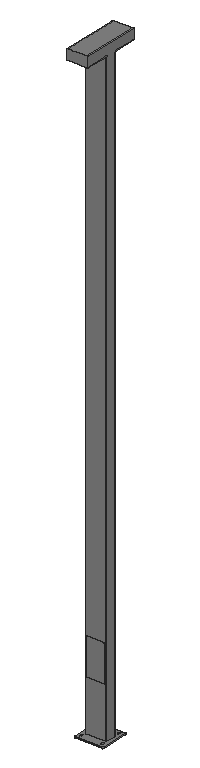
Revit family "Супремус В", category Осветительные приборы, Revit 2019 (continued)
Types (7, lengths in mm): name | Файл фотометрической сетки | built-in parameter 1150105 | Lumens | built-in parameter 1150106 | built-in parameter 1150142 | Wattage | L_общая рассеиватели | ADSK_Фактическая мощность | ADSK_Размер_Высота | ADSK_Номинальная мощность | ADSK_Наименование | ADSK_Масса_Текст | ADSK_Масса | ADSK_Артикул | 2
    344.8 347.2 349.5 351.6 354.0 356.9 359.7\r\n 362.4 365.6 367.8 369.4 372.0 374.4 376.6 378.5 380.1 381.7 383.1 385.2 387.4 389.4 391.3 393.3 395.2 396.7 398.3 399.2 400.1\r\n 401.1 402.0 403.6 405.2 407.2 409.2 410.2 411.7 413.4 414.7 416.0 417.0 417.8 417.8 416.8 414.8 412.3 410.0 407.1 403.0 397.9\r\n 392.1 385.6 378.3 370.7 363.5 356.1 349.1 342.8 337.4 332.5 328.5 324.8 320.4 315.5 310.0 305.0 299.7 293.1 284.6 273.4 260.3\r\n 245.3 228.2 208.9 188.3 167.9 149.8 132.5 115.7 99.6 82.5 64.0 51.6 39.5 31.9 26.4 22.1 19.3 17.1 15.5 14.0 12.6 11.3 10.3 9.3\r\n 8.4 7.6 6.8 6.2 5.6 5.1 4.4 3.9 3.6 3.2 2.8 2.4 2.2 1.9 1.6 1.3 1.2 0.9 0.8 0.7 0.6 0.6 0.6 0.7 0.7 0.7 0.7 0.7 0.7 0.8 0.0 0.0\r\n 0.0 0.0 0.0 0.0 0.0 0.0 0.0 0.0 0.0 0.0 0.0 0.0 0.0 0.0 0.0 0.0 0.0 0.0 0.0 0.0 0.0 0.0 0.0 0.0 0.0 0.0 0.0 0.0 0.0 0.0 0.0 0.0\r\n 0.0 0.0 0.0 0.0 0.0 0.0 0.0 0.0 0.0 0.0 0.0 0.0 0.0 0.0 0.0 0.0 0.0 0.0 0.0 0.0 0.0 0.0 0.0 0.0 0.0 0.0 0.0 0.0 0.0 0.0 0.0 0.0\r\n 0.0 0.0 0.0 0.0 0.0 0.0 0.0 0.0 0.0 0.0 0.0 0.0 0.0 0.0 0.0 0.0 0.0 0.0 0.0 0.0 0.0 0.0 0.0 0.0 0.0 0.0 0.0 0.0 0.0 0.0 0.0 0.0\r\n 0.0 0.0 0.0 0.0 0.0 0.0 0.0 0.0 0.0 0.0 0.0 0.0 0.0 0.0 0.0 0.0 0.0 0.0 0.0 0.0 0.0 0.0 0.0 0.0 0.0 0.0 0.0 0.0 0.0 0.0 0.0 0.0\r\n 0.0 0.0 0.0 0.0 0.0 0.0 0.0 0.0 0.0 0.0 0.0 0.0 0.0 0.0 0.0 0.0 0.0 0.0 0.0 0.0 0.0 0.0 0.0 0.0 0.0 0.0 0.0 0.0 0.0 0.0\r\n275.6 275.9 275.9 275.9 276.1 276.2 276.1 276.0 275.6 275.4 275.3 274.9 274.7 274.4 274.1 273.9 273.5 273.1 272.7 272.5 272.2\r\n 271.9 271.8 271.5 271.3 271.2 271.0 270.9 271.0 270.9 271.1 271.3 271.5 271.8 272.3 272.7 273.5 273.9 274.7 275.3 276.3 277.2\r\n 277.9 278.9 280.0 281.0 282.0 283.2 284.2 285.2 286.5 287.6 288.8 290.0 291.1 292.4 293.7 295.0 296.4 297.6 299.1 300.6 302.0\r\n 303.6 305.0 306.7 308.3 310.0 311.8 313.6 315.4 317.0 319.0 320.9 322.9 324.9 327.0 328.8 330.8 332.9 335.0 337.3 339.9 342.5\r\n 344.8 347.5 349.7 350.2 352.0 353.9 355.1 356.5 357.5 358.5 359.3 360.6 362.1 363.6 365.1 366.6 368.0 369.8 371.6 372.9 374.0\r\n 374.7 376.0 377.3 378.9 380.4 381.5 382.5 383.8 385.1 386.3 386.8 387.7 388.6 389.1 389.2 388.7 387.5 386.3 384.6 382.1 378.5\r\n 374.1 368.3 362.7 357.3 351.5 345.7 340.1 334.9 329.5 323.9 319.0 314.5 309.7 305.3 300.4 295.4 289.8 282.5 273.4 262.4 249.6\r\n 235.5 219.0 200.0 180.6 161.7 144.4 127.0 109.6 93.3 75.9 58.4 44.9 34.5 26.9 21.5 17.7 15.4 13.7 12.3 11.1 10.0 9.0 8.2 7.4 6.8\r\n 6.2 5.7 5.2 4.8 4.4 3.9 3.5 3.2 2.8 2.5 2.2 2.0 1.8 1.5 1.4 1.2 1.0 0.8 0.8 0.7 0.7 0.7 0.7 0.8 0.8 0.8 0.8 0.8 0.8 0.0 0.0 0.0\r\n 0.0 0.0 0.0 0.0 0.0 0.0 0.0 0.0 0.0 0.0 0.0 0.0 0.0 0.0 0.0 0.0 0.0 0.0 0.0 0.0 0.0 0.0 0.0 0.0 0.0 0.0 0.0 0.0 0.0 0.0 0.0 0.0\r\n 0.0 0.0 0.0 0.0 0.0 0.0 0.0 0.0 0.0 0.0 0.0 0.0 0.0 0.0 0.0 0.0 0.0 0.0 0.0 0.0 0.0 0.0 0.0 0.0 0.0 0.0 0.0 0.0 0.0 0.0 0.0 0.0\r\n 0.0 0.0 0.0 0.0 0.0 0.0 0.0 0.0 0.0 0.0 0.0 0.0 0.0 0.0 0.0 0.0 0.0 0.0 0.0 0.0 0.0 0.0 0.0 0.0 0.0 0.0 0.0 0.0 0.0 0.0 0.0 0.0\r\n 0.0 0.0 0.0 0.0 0.0 0.0 0.0 0.0 0.0 0.0 0.0 0.0 0.0 0.0 0.0 0.0 0.0 0.0 0.0 0.0 0.0 0.0 0.0 0.0 0.0 0.0 0.0 0.0 0.0 0.0 0.0 0.0\r\n 0.0 0.0 0.0 0.0 0.0 0.0 0.0 0.0 0.0 0.0 0.0 0.0 0.0 0.0 0.0 0.0 0.0 0.0 0.0 0.0 0.0 0.0 0.0 0.0 0.0 0.0 0.0 0.0 0.0\r\n275.6 275.5 275.4 275.2 275.1 274.8 274.6 274.2 273.9 273.4 273.0 272.6 272.0 271.5 271.0 270.5 269.9 269.4 269.0 268.4 267.9\r\n 267.5 267.0 266.7 266.4 266.0 265.5 265.3 265.1 264.8 264.7 264.8 264.8 265.0 265.3 265.5 265.9 266.4 266.8 267.3 268.0 268.9\r\n 269.6 270.4 271.2 271.9 272.7 273.8 274.8 275.8 276.9 277.9 279.0 280.1 281.4 282.4 283.5 284.8 286.2 287.5 288.8 290.0 291.5\r\n 293.0 294.1 295.7 297.2 298.7 300.0 301.6 303.2 304.6 306.1 307.7 309.3 311.1 312.7 314.3 315.6 317.0 318.5 320.1 321.9 323.2\r\n 325.1 326.5 328.9 329.6 330.9 332.8 333.4 334.5 335.4 336.1 336.4 337.5 338.5 339.7 340.8 342.3 343.7 345.0 346.3 347.5 348.4\r\n 349.4 350.3 351.4 352.5 353.0 353.4 354.0 354.5 354.8 355.1 355.5 355.2 355.3 355.7 355.8 355.7 355.4 354.7 353.4 352.1 349.8\r\n 346.1 341.5 337.2 332.5 328.3 323.6 319.3 316.1 311.5 306.3 301.9 296.6 291.7 286.0 280.4 274.6 268.5 262.0 253.9 244.5 233.3\r\n 221.2 207.7 192.1 176.5 159.7 142.6 125.5 108.4 91.4 75.0 57.3 42.7 31.6 24.1 18.5 15.1 13.1 11.7 10.6 9.6 8.7 7.9 7.3 6.6 6.1\r\n 5.6 5.1 4.6 4.2 3.7 3.2 2.9 2.7 2.4 2.2 2.1 2.0 1.9 1.7 1.5 1.4 1.2 1.0 1.0 0.9 0.9 0.9 1.0 1.0 1.0 1.1 1.1 1.1 1.2 0.0 0.0 0.0\r\n 0.0 0.0 0.0 0.0 0.0 0.0 0.0 0.0 0.0 0.0 0.0 0.0 0.0 0.0 0.0 0.0 0.0 0.0 0.0 0.0 0.0 0.0 0.0 0.0 0.0 0.0 0.0 0.0 0.0 0.0 0.0 0.0\r\n 0.0 0.0 0.0 0.0 0.0 0.0 0.0 0.0 0.0 0.0 0.0 0.0 0.0 0.0 0.0 0.0 0.0 0.0 0.0 0.0 0.0 0.0 0.0 0.0 0.0 0.0 0.0 0.0 0.0 0.0 0.0 0.0\r\n 0.0 0.0 0.0 0.0 0.0 0.0 0.0 0.0 0.0 0.0 0.0 0.0 0.0 0.0 0.0 0.0 0.0 0.0 0.0 0.0 0.0 0.0 0.0 0.0 0.0 0.0 0.0 0.0 0.0 0.0 0.0 0.0\r\n 0.0 0.0 0.0 0.0 0.0 0.0 0.0 0.0 0.0 0.0 0.0 0.0 0.0 0.0 0.0 0.0 0.0 0.0 0.0 0.0 0.0 0.0 0.0 0.0 0.0 0.0 0.0 0.0 0.0 0.0 0.0 0.0\r\n 0.0 0.0 0.0 0.0 0.0 0.0 0.0 0.0 0.0 0.0 0.0 0.0 0.0 0.0 0.0 0.0 0.0 0.0 0.0 0.0 0.0 0.0 0.0 0.0 0.0 0.0 0.0 0.0 0.0\r\n275.6 275.2 274.8 274.5 274.1 273.7 273.3 272.7 272.1 271.5 270.9 270.2 269.6 268.8 268.0 267.4 266.7 265.9 265.2 264.6 263.9\r\n 263.2 262.7 262.0 261.5 261.0 260.2 259.7 259.3 258.9 258.5 258.2 258.0 257.8 257.9 258.0 258.2 258.5 258.9 259.3 259.7 260.2\r\n 260.6 261.2 261.9 262.6 263.6 264.3 265.1 265.9 266.7 267.6 268.7 269.6 270.4 271.4 272.4 273.6 274.5 275.5 276.7 277.8 278.9\r\n 279.9 281.0 281.9 283.0 284.2 285.3 286.6 287.9 289.1 290.4 291.6 293.0 294.4 295.7 297.0 298.1 299.3 300.3 301.6 303.1 304.5\r\n 305.7 306.4 307.5 308.5 308.8 310.2 310.4 310.8 311.3 311.7 311.7 311.9 312.4 312.9 313.4 314.1 314.9 315.7 316.7 317.8 318.6\r\n 319.6 320.7 321.8 323.0 323.9 324.8 325.4 325.7 325.9 325.9 325.7 325.2 324.1 323.4 322.7 322.4 321.9 321.7 320.8 320.2 318.7\r\n 316.2 312.5 308.6 304.5 300.4 296.1 291.9 288.4 284.8 280.5 276.1 270.5 265.2 259.7 254.2 248.0 241.8 235.6 229.7 222.5 213.7\r\n 203.0 191.4 179.5 166.1 151.6 135.6 119.2 102.1 85.7 71.4 58.3 45.2 32.2 23.9 17.9 14.1 12.0 10.7 9.6 8.7 7.9 7.2 6.6 6.1 5.7 5.2\r\n 4.8 4.4 4.0 3.5 3.2 2.9 2.7 2.5 2.3 2.2 2.1 1.9 1.8 1.6 1.5 1.2 1.0 1.0 0.9 0.9 1.0 1.0 1.0 1.0 1.1 1.1 1.2 1.2 0.0 0.0 0.0 0.0\r\n 0.0 0.0 0.0 0.0 0.0 0.0 0.0 0.0 0.0 0.0 0.0 0.0 0.0 0.0 0.0 0.0 0.0 0.0 0.0 0.0 0.0 0.0 0.0 0.0 0.0 0.0 0.0 0.0 0.0 0.0 0.0 0.0\r\n 0.0 0.0 0.0 0.0 0.0 0.0 0.0 0.0 0.0 0.0 0.0 0.0 0.0 0.0 0.0 0.0 0.0 0.0 0.0 0.0 0.0 0.0 0.0 0.0 0.0 0.0 0.0 0.0 0.0 0.0 0.0 0.0\r\n 0.0 0.0 0.0 0.0 0.0 0.0 0.0 0.0 0.0 0.0 0.0 0.0 0.0 0.0 0.0 0.0 0.0 0.0 0.0 0.0 0.0 0.0 0.0 0.0 0.0 0.0 0.0 0.0 0.0 0.0 0.0 0.0\r\n 0.0 0.0 0.0 0.0 0.0 0.0 0.0 0.0 0.0 0.0 0.0 0.0 0.0 0.0 0.0 0.0 0.0 0.0 0.0 0.0 0.0 0.0 0.0 0.0 0.0 0.0 0.0 0.0 0.0 0.0 0.0 0.0\r\n 0.0 0.0 0.0 0.0 0.0 0.0 0.0 0.0 0.0 0.0 0.0 0.0 0.0 0.0 0.0 0.0 0.0 0.0 0.0 0.0 0.0 0.0 0.0 0.0 0.0 0.0 0.0 0.0\r\n275.6 275.2 274.5 274.0 273.4 272.7 272.1 271.4 270.5 269.9 269.0 268.1 267.4 266.4 265.5 264.6 263.7 262.7 261.8 261.0 260.0\r\n 259.0 258.2 257.4 256.6 255.8 255.1 254.4 253.6 253.0 252.5 251.7 250.9 250.6 250.4 250.0 249.8 249.9 250.2 250.3 250.3 250.4\r\n 250.6 250.8 251.3 251.7 252.2 252.6 253.0 253.6 254.0 254.3 254.9 255.4 255.9 256.6 257.1 257.7 258.1 258.8 259.4 260.0 260.6\r\n 261.5 262.0 262.7 263.2 264.0 264.8 265.6 266.5 267.4 268.5 269.4 270.1 270.9 271.8 272.7 273.5 274.3 275.1 276.2 277.2 278.4\r\n 279.3 280.0 280.5 281.4 282.5 283.0 283.9 284.0 284.3 284.8 285.1 284.9 284.9 285.3 285.8 286.0 286.3 286.7 287.1 287.7 288.3\r\n 289.0 289.8 290.8 291.9 293.1 294.0 295.0 295.8 296.3 296.6 296.7 296.3 295.7 294.9 293.8 292.9 292.1 291.7 291.1 290.0 289.0\r\n 287.3 284.7 281.3 277.5 273.9 270.2 266.6 262.9 259.0 255.9 252.6 248.2 243.2 238.1 232.5 225.7 218.5 209.9 202.3 196.5 191.3\r\n 185.1 177.2 168.1 157.3 145.9 131.6 117.3 103.1 87.9 74.3 62.3 50.9 40.6 31.5 23.6 17.7 13.9 11.5 10.2 9.1 8.3 7.5 6.8 6.3 5.8\r\n 5.4 5.0 4.6 4.1 3.6 3.2 2.9 2.8 2.6 2.5 2.4 2.4 2.3 2.0 1.6 1.4 1.2 1.0 1.0 0.9 1.0 1.0 1.0 1.1 1.1 1.1 1.2 1.2 1.2 0.0 0.0 0.0\r\n 0.0 0.0 0.0 0.0 0.0 0.0 0.0 0.0 0.0 0.0 0.0 0.0 0.0 0.0 0.0 0.0 0.0 0.0 0.0 0.0 0.0 0.0 0.0 0.0 0.0 0.0 0.0 0.0 0.0 0.0 0.0 0.0\r\n 0.0 0.0 0.0 0.0 0.0 0.0 0.0 0.0 0.0 0.0 0.0 0.0 0.0 0.0 0.0 0.0 0.0 0.0 0.0 0.0 0.0 0.0 0.0 0.0 0.0 0.0 0.0 0.0 0.0 0.0 0.0 0.0\r\n 0.0 0.0 0.0 0.0 0.0 0.0 0.0 0.0 0.0 0.0 0.0 0.0 0.0 0.0 0.0 0.0 0.0 0.0 0.0 0.0 0.0 0.0 0.0 0.0 0.0 0.0 0.0 0.0 0.0 0.0 0.0 0.0\r\n 0.0 0.0 0.0 0.0 0.0 0.0 0.0 0.0 0.0 0.0 0.0 0.0 0.0 0.0 0.0 0.0 0.0 0.0 0.0 0.0 0.0 0.0 0.0 0.0 0.0 0.0 0.0 0.0 0.0 0.0 0.0 0.0\r\n 0.0 0.0 0.0 0.0 0.0 0.0 0.0 0.0 0.0 0.0 0.0 0.0 0.0 0.0 0.0 0.0 0.0 0.0 0.0 0.0 0.0 0.0 0.0 0.0 0.0 0.0 0.0 0.0 0.0\r\n275.6 274.9 274.1 273.4 272.6 271.6 270.9 270.0 269.1 267.9 267.0 266.0 264.9 263.8 262.7 261.5 260.3 259.2 258.0 257.0 255.9\r\n 254.7 253.6 252.7 251.6 250.7 249.7 248.8 247.9 247.1 245.9 244.9 244.2 243.3 242.5 242.0 241.4 241.0 240.6 240.0 239.5 239.2\r\n 238.7 238.6 238.4 238.3 238.1 238.0 237.8 237.8 237.7 237.7 237.5 237.6 237.8 238.0 238.2 238.6 238.9 239.2 239.5 239.7 240.0\r\n 240.4 240.9 241.4 242.1 242.9 243.5 244.3 245.0 245.6 246.3 246.9 247.5 248.1 248.8 249.5 250.2 250.8 251.8 252.6 253.6 254.4\r\n 255.2 255.5 256.3 256.8 257.6 258.5 258.9 259.5 259.7 259.9 260.6 260.8 260.5 260.3 260.4 260.6 260.5 260.5 260.7 260.6 260.5\r\n 260.6 260.6 260.7 261.2 261.8 262.4 263.0 263.8 264.3 264.6 264.7 264.6 264.0 263.4 262.7 262.0 261.2 260.4 259.8 258.8 257.1\r\n 255.2 253.2 250.9 248.1 245.2 242.2 238.9 235.4 231.8 228.0 224.5 221.2 217.6 213.2 208.2 202.7 196.6 189.7 181.9 173.9 167.8\r\n 162.9 158.6 153.5 146.8 139.1 129.4 118.5 106.0 92.3 77.8 64.8 54.3 43.9 36.1 29.8 24.6 20.2 16.1 13.1 11.1 9.6 8.6 7.8 7.2 6.6\r\n 6.1 5.6 5.0 4.5 3.9 3.5 3.2 2.9 2.6 2.4 2.3 2.3 2.1 2.0 1.6 1.5 1.2 1.1 1.0 0.9 1.0 1.0 1.0 1.0 1.1 1.1 1.2 1.2 1.2 0.0 0.0 0.0\r\n 0.0 0.0 0.0 0.0 0.0 0.0 0.0 0.0 0.0 0.0 0.0 0.0 0.0 0.0 0.0 0.0 0.0 0.0 0.0 0.0 0.0 0.0 0.0 0.0 0.0 0.0 0.0 0.0 0.0 0.0 0.0 0.0\r\n 0.0 0.0 0.0 0.0 0.0 0.0 0.0 0.0 0.0 0.0 0.0 0.0 0.0 0.0 0.0 0.0 0.0 0.0 0.0 0.0 0.0 0.0 0.0 0.0 0.0 0.0 0.0 0.0 0.0 0.0 0.0 0.0\r\n 0.0 0.0 0.0 0.0 0.0 0.0 0.0 0.0 0.0 0.0 0.0 0.0 0.0 0.0 0.0 0.0 0.0 0.0 0.0 0.0 0.0 0.0 0.0 0.0 0.0 0.0 0.0 0.0 0.0 0.0 0.0 0.0\r\n 0.0 0.0 0.0 0.0 0.0 0.0 0.0 0.0 0.0 0.0 0.0 0.0 0.0 0.0 0.0 0.0 0.0 0.0 0.0 0.0 0.0 0.0 0.0 0.0 0.0 0.0 0.0 0.0 0.0 0.0 0.0 0.0\r\n 0.0 0.0 0.0 0.0 0.0 0.0 0.0 0.0 0.0 0.0 0.0 0.0 0.0 0.0 0.0 0.0 0.0 0.0 0.0 0.0 0.0 0.0 0.0 0.0 0.0 0.0 0.0 0.0 0.0\r\n275.6 274.7 273.7 272.6 271.7 270.8 269.7 268.7 267.4 266.2 265.1 263.9 262.4 261.3 259.9 258.5 257.2 255.8 254.5 253.2 251.8\r\n 250.4 249.3 248.0 246.8 245.5 244.4 243.1 241.9 240.3 238.9 237.6 236.0 234.7 233.4 232.4 231.2 230.0 228.6 227.5 226.3 225.4\r\n 224.6 223.8 223.1 222.4 221.8 221.1 220.7 220.3 220.1 219.9 219.8 219.8 219.7 219.8 219.9 220.2 220.4 220.6 220.9 221.1 221.4\r\n 222.0 222.6 222.9 223.4 223.7 224.1 224.6 224.9 225.0 225.3 225.3 225.3 225.4 225.6 225.9 226.1 226.2 226.4 226.9 227.3 227.9\r\n 228.4 228.7 228.8 229.1 229.3 229.5 230.1 230.8 230.4 230.2 229.8 229.9 230.0 229.5 228.6 228.0 227.7 227.4 226.9 226.6 226.2\r\n 225.8 225.6 225.4 225.3 225.4 225.5 225.5 225.8 226.1 226.4 226.8 226.6 225.9 225.0 224.1 223.4 223.1 222.7 222.1 221.1 219.6\r\n 217.8 216.1 214.2 211.9 209.6 206.8 203.9 200.7 197.0 193.3 188.9 184.4 179.4 174.3 169.2 163.7 157.6 151.1 144.4 137.2 131.4\r\n 125.5 119.7 116.6 114.3 111.9 107.8 102.8 96.2 88.2 78.4 67.9 57.8 48.5 40.8 34.2 28.7 24.7 21.6 19.0 16.6 14.3 11.7 9.9 8.7 7.8\r\n 7.0 6.4 5.8 5.2 4.7 4.2 3.7 3.4 3.0 2.8 2.6 2.5 2.2 2.0 1.8 1.6 1.5 1.2 1.1 1.0 1.0 1.0 1.0 1.0 1.1 1.1 1.2 1.2 1.2 0.0 0.0 0.0\r\n 0.0 0.0 0.0 0.0 0.0 0.0 0.0 0.0 0.0 0.0 0.0 0.0 0.0 0.0 0.0 0.0 0.0 0.0 0.0 0.0 0.0 0.0 0.0 0.0 0.0 0.0 0.0 0.0 0.0 0.0 0.0 0.0\r\n 0.0 0.0 0.0 0.0 0.0 0.0 0.0 0.0 0.0 0.0 0.0 0.0 0.0 0.0 0.0 0.0 0.0 0.0 0.0 0.0 0.0 0.0 0.0 0.0 0.0 0.0 0.0 0.0 0.0 0.0 0.0 0.0\r\n 0.0 0.0 0.0 0.0 0.0 0.0 0.0 0.0 0.0 0.0 0.0 0.0 0.0 0.0 0.0 0.0 0.0 0.0 0.0 0.0 0.0 0.0 0.0 0.0 0.0 0.0 0.0 0.0 0.0 0.0 0.0 0.0\r\n 0.0 0.0 0.0 0.0 0.0 0.0 0.0 0.0 0.0 0.0 0.0 0.0 0.0 0.0 0.0 0.0 0.0 0.0 0.0 0.0 0.0 0.0 0.0 0.0 0.0 0.0 0.0 0.0 0.0 0.0 0.0 0.0\r\n 0.0 0.0 0.0 0.0 0.0 0.0 0.0 0.0 0.0 0.0 0.0 0.0 0.0 0.0 0.0 0.0 0.0 0.0 0.0 0.0 0.0 0.0 0.0 0.0 0.0 0.0 0.0 0.0 0.0\r\n275.6 274.6 273.4 272.1 271.1 269.8 268.5 267.3 266.0 264.4 263.0 261.6 260.1 258.8 257.1 255.6 254.0 252.5 251.0 249.5 247.9\r\n 246.5 244.8 243.1 241.4 239.7 238.0 236.4 234.5 232.3 230.5 228.7 226.9 224.8 223.1 221.6 219.9 218.2 216.4 214.9 213.4 212.4\r\n 211.4 210.5 209.4 208.6 208.0 207.3 206.6 206.1 205.7 205.5 205.2 205.0 204.9 204.4 204.3 204.2 204.2 204.0 204.0 204.1 204.1\r\n 203.9 203.8 203.8 203.4 203.3 203.0 202.6 202.3 201.7 201.2 200.7 199.9 199.2 198.8 198.2 197.8 197.1 196.7 196.3 196.0 195.8\r\n 195.8 195.7 195.7 195.5 195.5 195.4 195.3 195.3 195.4 195.5 195.0 194.3 194.0 193.8 193.5 192.7 191.5 190.9 190.5 189.9 189.4\r\n 188.9 188.5 188.2 187.9 187.7 187.4 187.2 187.0 187.1 187.0 186.8 186.7 186.5 186.2 185.5 184.8 184.0 183.3 182.8 181.7 180.7\r\n 179.5 178.0 176.6 175.4 174.2 172.8 171.0 169.2 167.1 164.8 162.5 159.4 155.3 150.6 145.3 139.8 134.3 128.4 122.4 115.1 107.4\r\n 99.8 93.2 88.1 84.4 81.5 78.5 75.9 73.3 70.2 65.2 60.2 55.2 49.6 44.0 38.8 33.8 29.2 25.2 22.1 19.6 17.3 15.4 13.8 12.2 10.6 9.1\r\n 8.1 7.3 6.6 5.9 5.2 4.7 4.2 3.8 3.4 3.1 2.8 2.6 2.3 2.0 1.8 1.6 1.5 1.5 1.3 1.3 1.2 1.1 1.1 1.1 1.1 1.1 1.1 1.2 0.0 0.0 0.0 0.0\r\n 0.0 0.0 0.0 0.0 0.0 0.0 0.0 0.0 0.0 0.0 0.0 0.0 0.0 0.0 0.0 0.0 0.0 0.0 0.0 0.0 0.0 0.0 0.0 0.0 0.0 0.0 0.0 0.0 0.0 0.0 0.0 0.0\r\n 0.0 0.0 0.0 0.0 0.0 0.0 0.0 0.0 0.0 0.0 0.0 0.0 0.0 0.0 0.0 0.0 0.0 0.0 0.0 0.0 0.0 0.0 0.0 0.0 0.0 0.0 0.0 0.0 0.0 0.0 0.0 0.0\r\n 0.0 0.0 0.0 0.0 0.0 0.0 0.0 0.0 0.0 0.0 0.0 0.0 0.0 0.0 0.0 0.0 0.0 0.0 0.0 0.0 0.0 0.0 0.0 0.0 0.0 0.0 0.0 0.0 0.0 0.0 0.0 0.0\r\n 0.0 0.0 0.0 0.0 0.0 0.0 0.0 0.0 0.0 0.0 0.0 0.0 0.0 0.0 0.0 0.0 0.0 0.0 0.0 0.0 0.0 0.0 0.0 0.0 0.0 0.0 0.0 0.0 0.0 0.0 0.0 0.0\r\n 0.0 0.0 0.0 0.0 0.0 0.0 0.0 0.0 0.0 0.0 0.0 0.0 0.0 0.0 0.0 0.0 0.0 0.0 0.0 0.0 0.0 0.0 0.0 0.0 0.0 0.0 0.0 0.0\r\n275.6 274.4 273.0 271.7 270.3 269.0 267.5 266.1 264.5 262.9 261.3 259.7 258.0 256.4 254.6 252.9 251.3 249.4 247.8 245.9 244.0\r\n 242.0 240.0 237.8 235.5 233.2 231.0 228.7 226.1 223.7 221.8 219.6 217.5 215.5 213.8 212.3 210.5 208.7 206.9 205.4 203.9 202.7\r\n 201.5 200.2 199.0 197.6 196.3 195.0 193.6 192.4 191.5 190.5 189.6 188.9 188.3 187.4 186.7 186.2 185.6 185.1 184.4 183.7 183.0\r\n 182.0 181.1 180.1 179.2 178.2 176.9 175.7 174.6 173.5 172.6 171.7 170.9 170.0 169.0 168.3 167.4 166.6 165.9 165.1 164.3 163.6\r\n 162.7 161.8 161.2 160.3 159.6 159.0 158.3 157.4 156.7 156.1 155.4 154.8 154.4 153.4 152.6 152.1 151.6 150.6 149.5 148.3 147.4\r\n 146.6 145.5 144.7 143.8 143.0 142.4 142.0 141.7 141.4 141.3 141.2 141.1 140.9 140.5 140.0 139.4 138.7 138.1 137.5 136.9 136.1\r\n 135.1 134.4 133.6 132.6 131.9 130.8 129.3 128.1 127.1 125.5 124.1 122.5 120.8 118.8 116.6 113.6 110.3 106.0 101.5 96.1 90.3 84.8\r\n 78.4 71.8 65.7 60.8 56.8 53.2 50.0 47.0 44.8 43.3 41.9 40.1 37.9 35.8 33.8 32.0 30.2 28.2 26.1 24.0 21.7 19.4 17.3 15.6 14.1 12.7\r\n 11.4 10.3 9.3 8.3 7.4 6.3 5.1 4.4 4.0 3.6 3.1 2.7 2.4 2.2 2.0 1.9 2.1 1.9 1.9 1.6 1.4 1.3 1.2 1.1 1.2 1.2 1.2 0.0 0.0 0.0 0.0 0.0\r\n 0.0 0.0 0.0 0.0 0.0 0.0 0.0 0.0 0.0 0.0 0.0 0.0 0.0 0.0 0.0 0.0 0.0 0.0 0.0 0.0 0.0 0.0 0.0 0.0 0.0 0.0 0.0 0.0 0.0 0.0 0.0 0.0\r\n 0.0 0.0 0.0 0.0 0.0 0.0 0.0 0.0 0.0 0.0 0.0 0.0 0.0 0.0 0.0 0.0 0.0 0.0 0.0 0.0 0.0 0.0 0.0 0.0 0.0 0.0 0.0 0.0 0.0 0.0 0.0 0.0\r\n 0.0 0.0 0.0 0.0 0.0 0.0 0.0 0.0 0.0 0.0 0.0 0.0 0.0 0.0 0.0 0.0 0.0 0.0 0.0 0.0 0.0 0.0 0.0 0.0 0.0 0.0 0.0 0.0 0.0 0.0 0.0 0.0\r\n 0.0 0.0 0.0 0.0 0.0 0.0 0.0 0.0 0.0 0.0 0.0 0.0 0.0 0.0 0.0 0.0 0.0 0.0 0.0 0.0 0.0 0.0 0.0 0.0 0.0 0.0 0.0 0.0 0.0 0.0 0.0 0.0\r\n 0.0 0.0 0.0 0.0 0.0 0.0 0.0 0.0 0.0 0.0 0.0 0.0 0.0 0.0 0.0 0.0 0.0 0.0 0.0 0.0 0.0 0.0 0.0 0.0 0.0 0.0 0.0\r\n275.6 274.2 272.5 271.1 269.7 268.0 266.5 264.8 263.0 261.3 259.6 257.7 255.8 254.0 252.2 250.3 248.2 246.3 244.2 241.8 239.5\r\n 236.9 234.2 231.3 228.6 225.9 223.4 220.9 218.2 215.8 213.9 212.1 210.2 208.3 206.6 204.9 203.1 200.8 198.8 196.8 194.9 193.1\r\n 191.4 189.6 187.9 186.1 184.2 182.6 180.8 179.1 177.3 175.6 174.0 172.2 170.5 
